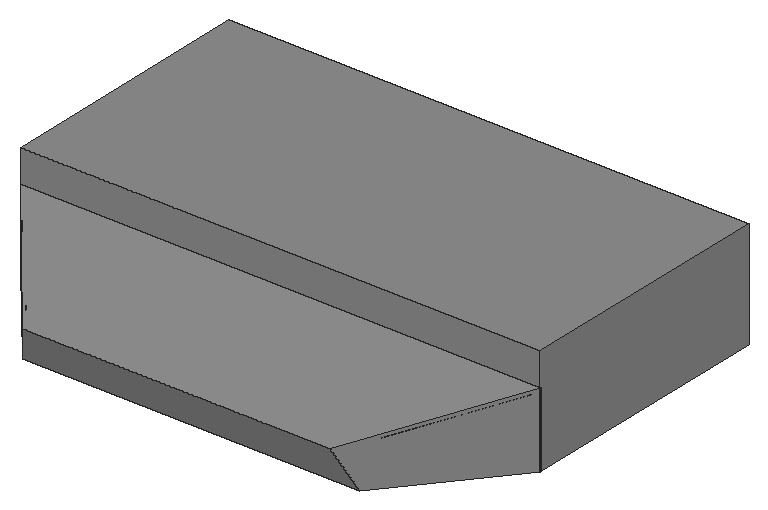
Revit family "QF_Summit_HSHELL24PL_Shell Hood", category Specialty Equipment, Revit 2020
Family settings
  Round Connector Dimension = Use Diameter
  Part Type = Normal
  Work Plane-Based = No
  Always vertical = Yes
  Cut with Voids When Loaded = No
  Shared = No
  Room Calculation Point = No
Parameters
  Weight in Pounds = 10
  URL Cutsheet = ""
  Specification by User = ""
  Specification by Manufacturer = ""
  Serial Number = ""
  Seismic Rating = ""
  SMACNA No = ""
  Revision Code = ""
  NAFEM Spec ID Number = ""
  Model = "HSHELL24PL"
  Masterspec = ""
  Manufacturer = "Summit"
  Length = 24"
  Item Number = ""
  Installed By = ""
  Identify Quantity as Lot = yes
  Height = 5"
  Furnished By = ""
  Foodservice Equipment Identifier = yes
  Description = "24\" Shell Hood"
  Depth = 18"
  Default Elevation = 0"
  CSI MasterFormat = ""
Reference planes (in)
  plane 1 "BACK": y = 0
  plane 2: z = 0
  plane 3 "LEFT": x = 0
  plane 4 "RIGHT": x = 24
  plane 5 "FRONT": y = -18
  plane 6 "TOP": z = 5
  plane 7 "Center Y": x = 12
  plane 8 "Center X": y = -9
  plane 9: z = 3.5
  plane 10: y = -12
  plane 11: z = 1.875
  plane 12: x = 4.9375
  plane 13: x = 19.0625
Forms (in)
  Extrusion 1, solid, material "QF_Paint_Gray"
    sketch origin (0, 0, 0) x (1, 0, 0) y (0, 1, 0)
      loop
        line (0, 0) -> (0, -12) -> (24, -12) -> (24, 0) -> (0, 0)
    from 0 to 5
  Extrusion 2, solid, material "QF_Paint_Gray"
    sketch origin (20, 0, 0) x (0, 1, 0) y (0, 0, 1)
      loop
        line (-18, 1.875) -> (-17.12567, 0) -> (-12, 0) -> (-12, 3.5) -> (-18, 1.875)
    from -20 to 4
  Extrusion 3, void
    sketch origin (0, 0, 0) x (1, 0, 0) y (0, 1, 0)
      loop
        line (0, -12) -> (-0.1875, -12) -> (-0.1875, -18.25) -> (4.9375, -18.25) -> (4.9375, -18) -> (0, -12)
      loop
        line (24, -12) -> (19.0625, -18) -> (19.0625, -18.25) -> (24.1875, -18.25) -> (24.1875, -12) -> (24, -12)
    from 0 to 3.5
  Blend 4, void
    base sketch origin (0, -2, 0) x (0, -1, 0) y (0, 0, -1)
      loop
        line (9.75, -4.75) -> (9.75, -0.25) -> (-1.75, -0.25) -> (-1.75, -4.75) -> (9.75, -4.75)
    top sketch origin (0, -2, 0) x (0, -1, 0) y (0, 0, -1)
      loop
        line (9.625, -4.625) -> (9.625, -0.375) -> (-1.625, -0.375) -> (-1.625, -4.625) -> (9.625, -4.625)
    from 0 to 0.08017
  Blend 5, void
    base sketch origin (0, -12, 0) x (-0.635425, 0.772162, 0) y (0, 0, 1)
      loop
        line (-7.37414, 1.70246) -> (-6.497, 0.25) -> (-0.25, 0.25) -> (-0.25, 3.19231) -> (-7.37414, 1.70246)
    top sketch origin (0, -12, 0) x (-0.635425, 0.772162, 0) y (0, 0, 1)
      loop
        line (-7.28514, 1.65857) -> (-6.47224, 0.3125) -> (-0.3125, 0.3125) -> (-0.3125, 3.11674) -> (-7.28514, 1.65857)
    from 0 to 0.08636
  Blend 6, void
    base sketch origin (23.875, -2, 0) x (0, -1, 0) y (0, 0, 1)
      loop
        line (9.75, 4.75) -> (-1.75, 4.75) -> (-1.75, 0.25) -> (9.75, 0.25) -> (9.75, 4.75)
    top sketch origin (23.875, -2, 0) x (0, -1, 0) y (0, 0, 1)
      loop
        line (9.625, 4.625) -> (-1.625, 4.625) -> (-1.625, 0.375) -> (9.625, 0.375) -> (9.625, 4.625)
    from 0 to 0.08017
  Blend 7, void
    base sketch origin (23.875, -12, 0) x (0.635425, 0.772162, 0) y (0, 0, -1)
      loop
        line (-7.37414, -1.70246) -> (-0.25, -3.19231) -> (-0.25, -0.25) -> (-6.497, -0.25) -> (-7.37414, -1.70246)
    top sketch origin (23.875, -12, 0) x (0.635425, 0.772162, 0) y (0, 0, -1)
      loop
        line (-7.28514, -1.65857) -> (-0.3125, -3.11674) -> (-0.3125, -0.3125) -> (-6.47224, -0.3125) -> (-7.28514, -1.65857)
    from 0 to 0.08636
Cuts and joins
  Extrusion 3, Blend 5, Blend 7 cuts Extrusion 2
  Blend 4, Blend 5, Blend 6 cuts Extrusion 1
Lines and regions (in)
  symbolic lines
    curve 1: line (0, 0, 0) -> (0, -12, 0)
    curve 2: line (0, -12, 0) -> (24, -12, 0)
    curve 3: line (24, -12, 0) -> (24, 0, 0)
    curve 4: line (24, 0, 0) -> (0, 0, 0)
    curve 5: line (0, -12, 0) -> (4.9375, -18, 0)
    curve 6: line (4.9375, -18, 0) -> (19.0625, -18, 0)
    curve 7: line (19.0625, -18, 0) -> (24, -12, 0)
Dimensions and locks (in)
  equal spacing: plane 3 "LEFT", plane 7 "Center Y", plane 4 "RIGHT"
  "Length": plane 3 "LEFT" to plane 4 "RIGHT"
  equal spacing: plane 5 "FRONT", plane 8 "Center X", plane 1 "BACK"
  "Depth": plane 5 "FRONT" to plane 1 "BACK"
  "Height": plane 6 "TOP" to level
  plane 9 to level = 3 1/2"
  plane 10 to plane 1 "BACK" = 12"
  plane 5 "FRONT" to plane 1 "BACK" = 18"
  locked: plane 4 "RIGHT" to plane 13 at 4.9375
  plane 4 "RIGHT" to plane 3 "LEFT" = 24"
  aligned and locked: level to plane 2
  aligned and locked: plane 6 "TOP" to Extrusion 1
  aligned and locked: Extrusion 2 to plane 3 "LEFT"
  aligned and locked: plane 9 to Extrusion 3
  aligned and locked: cut or joined group of Extrusion 2, Extrusion 3, Blend 5, Blend 7 to plane 4 "RIGHT"
Automatic sketch dimensions
  plane 1 "BACK" to curve 1 = 0"
  curve 1 to plane 3 "LEFT" = 0"
  plane 5 "FRONT" to curve 6 = 0"
  curve 6 to plane 12 = 0"
  curve 6 to plane 13 = 0"
  curve 3 to plane 4 "RIGHT" = 0"
  plane 10 to curve 2 = 0"
  Extrusion 1 sketch curve to plane 3 "LEFT" = 0"
  Extrusion 1 sketch curve to plane 4 "RIGHT" = 0"
  plane 10 to Extrusion 1 sketch curve = 0"
  plane 1 "BACK" to Extrusion 1 sketch curve = 0"
  Extrusion 2 sketch curve to plane 5 "FRONT" = 0"
  Extrusion 2 sketch curve to level = 0"
  Extrusion 2 sketch curve to plane 10 = 0"
  plane 11 to Extrusion 2 sketch curve = 0"
  Extrusion 2 sketch curve to plane 9 = 0"
  Extrusion 2 sketch curve to plane 5 "FRONT" = 0.87433"
  plane 10 to Extrusion 3 sketch curve = 0"  (x2)
  Extrusion 3 sketch curve to plane 3 "LEFT" = 0"
  Extrusion 3 sketch curve to plane 12 = 0"
  Extrusion 3 sketch curve to plane 13 = 0"
  Extrusion 3 sketch curve to plane 4 "RIGHT" = 0"
  plane 5 "FRONT" to Extrusion 3 sketch curve = 0"  (x2)
  Extrusion 3 sketch curve to plane 3 "LEFT" = 3/16"
  Extrusion 3 sketch curve to Extrusion 3 sketch curve = 3/16"
  plane 5 "FRONT" to Extrusion 3 sketch curve = 1/4"  (x2)
  Blend 4 sketch curve to Extrusion 1 = 1/4"  (x3)
  Extrusion 1 to Blend 4 sketch curve = 1/4"
  Blend 4 sketch curve to Extrusion 1 = 3/8"  (x3)
  Extrusion 1 to Blend 4 sketch curve = 3/8"
  Extrusion 3 to Blend 5 sketch curve = 0.39625"
  Blend 5 sketch curve to Extrusion 3 = 1/4"
  Extrusion 3 to Blend 5 sketch curve = 1.27339"
  Extrusion 3 to Blend 5 sketch curve = 1/4"
  Blend 5 sketch curve to Blend 5 sketch curve = 1.45246"
  Blend 5 sketch curve to Extrusion 3 = 0.30769"
  Extrusion 3 to Blend 5 sketch curve = 0.48525"
  Blend 5 sketch curve to Extrusion 3 = 5/16"
  Extrusion 3 to Blend 5 sketch curve = 1.29814"
  Extrusion 3 to Blend 5 sketch curve = 5/16"
  Blend 5 sketch curve to Blend 5 sketch curve = 1.34607"
  Blend 5 sketch curve to Extrusion 3 = 0.38326"
  plane 1 "BACK" to Blend 6 sketch curve = 1/4"
  Blend 6 sketch curve to plane 10 = 1/4"
  level to Blend 6 sketch curve = 1/4"
  Blend 6 sketch curve to plane 6 "TOP" = 1/4"
  plane 1 "BACK" to Blend 6 sketch curve = 3/8"
  Blend 6 sketch curve to plane 10 = 3/8"
  level to Blend 6 sketch curve = 3/8"
  Blend 6 sketch curve to plane 6 "TOP" = 3/8"
  plane 11 to Blend 7 sketch curve = 0.17254"
  level to Blend 7 sketch curve = 1/4"
  Blend 7 sketch curve to Blend 7 sketch curve = 0.87714"
  Blend 7 sketch curve to Blend 7 sketch curve = 6.247"
  Blend 7 sketch curve to plane 9 = 0.30769"
  plane 11 to Blend 7 sketch curve = 0.21643"
  level to Blend 7 sketch curve = 5/16"
  Blend 7 sketch curve to Blend 7 sketch curve = 0.81289"
  Blend 7 sketch curve to Blend 7 sketch curve = 6.15974"
  Blend 7 sketch curve to plane 9 = 0.38326"
